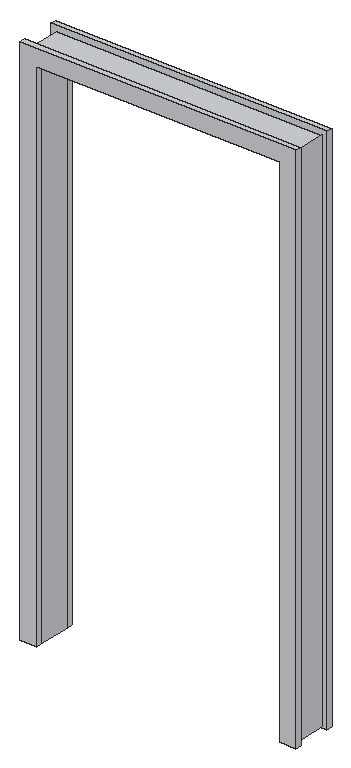
Revit family "门洞", category 门, Revit 2018
Family settings
  主体 = 墙
  OmniClass 编号 = 23.30.10.00
  OmniClass 标题 = Doors
  总是垂直 = 是
  加载时剪切的空心 = 否
  共享 = 否
  房间计算点 = 否
Parameters (values of type "1200 x 2400mm")
  厚度 = 0 mm
  Rough Width = 宽度  # 1200 mm
  Rough Height = 高度  # 2400 mm
  贴面宽度 = 框架宽度 + 25 mm  # 75 mm
  贴面厚度 = 25 mm
  贴面材质 = none
  功能 = 内部
  高度 = 2400 mm
  墙闭合 = 按主体
  宽度 = 1200 mm
  框架宽度 = 50 mm
  框架材质 = none
Reference planes
  plane 1 "中心(前/后)": y = 0
  plane 2 "中心(左/右)": x = 0
  plane 3 "左": x = -600
  plane 4 "右": x = 600
  plane 5: z = 2400
  plane 6 "外部": y = 75
  plane 7 "内部": y = -75
  plane 8: z = 1200
  plane 9: y = 100
  plane 10: y = -100
  plane 11: x = -625
  plane 12: x = -550
  plane 13: x = 550
  plane 14: x = 625
  plane 15: z = 2350
  plane 16: z = 2425
  plane 17: z = 1400
  plane 18: x = 200
Forms (mm)
  Extrusion 1, solid, material <- "框架材质"
    sketch origin (0, 0, 0) x (1, 0, 0) y (0, 0, 1)
      loop
        line (600, 2400) -> (-600, 2400) -> (-600, 0) -> (-550, 0) -> (-550, 2350) -> (550, 2350) -> (550, 0) -> (600, 0) -> (600, 2400)
    from -75 to 75
  Extrusion 2, solid, material <- "贴面材质", detail levels fine
    sketch origin (0, 0, 0) x (1, 0, 0) y (0, 0, 1)
      loop
        line (625, 2425) -> (-625, 2425) -> (-625, 0) -> (-550, 0) -> (-550, 2350) -> (550, 2350) -> (550, 0) -> (625, 0) -> (625, 2425)
    from 75 to 100
  Extrusion 3, solid, material <- "贴面材质", detail levels fine
    sketch origin (0, 0, 0) x (1, 0, 0) y (0, 0, 1)
      loop
        line (625, 2425) -> (-625, 2425) -> (-625, 0) -> (-550, 0) -> (-550, 2350) -> (550, 2350) -> (550, 0) -> (625, 0) -> (625, 2425)
    from -100 to -75
Lines and regions (mm)
  Opening 1
    outline origin (-3050, -75, 0) x (1, 0, 0) y (0, 0, 1)
      loop
        line (2450, 0) -> (3650, 0) -> (3650, 2400) -> (2450, 2400) -> (2450, 0)
  Masking region 1
    outline origin (0, 0, 0) x (0, 1, 0) y (0, 0, 1)
      loop
        line (75, 2400) -> (-75, 2400) -> (-75, 0) -> (75, 0) -> (75, 2400)
  symbolic lines, style "平/剖面打开方向 - 实线"
    curve 1: line (0, 75, 2400) -> (0, -75, 2400)
    curve 2: line (0, 75, 0) -> (0, 75, 2400)
    curve 3: line (0, -75, 0) -> (0, 75, 0)
    curve 4: line (0, -75, 2400) -> (0, -75, 0)
  symbolic lines, style "立面打开方向 - 实线"
    curve 5: line (-600, 0, 2400) -> (200, 0, 1400)
    curve 6: line (200, 0, 1400) -> (600, 0, 0)
Text (mm)
  text "Exterior" at (-2295.016, 1099.543, 0), in view "参照标高"
  text "Exterior" at (0, 1615.38, 3698.081), in view "左"
  text "Exterior" at (0, 1036.032, 3874.932), in view "右"
Dimensions and locks
  equal spacing: plane 3 "左", plane 2 "中心(左/右)", plane 4 "右"
  "宽度": plane 3 "左" to plane 4 "右"
  "高度": plane 5 to host wall
  locked: plane 6 "外部" to host wall at 0
  locked: plane 7 "内部" to host wall
  equal spacing: level, plane 8, plane 5
  "贴面宽度": plane 11 to plane 12
  "贴面厚度": plane 9 to plane 6 "外部"
  "框架宽度": plane 3 "左" to plane 12
  "贴面厚度": plane 7 "内部" to plane 10
  "贴面宽度": plane 13 to plane 14
  "框架宽度": plane 13 to plane 4 "右"
  "框架宽度": plane 15 to plane 5
  "贴面宽度": plane 15 to plane 16
  locked: plane 8 to plane 17 at 200
  locked: plane 2 "中心(左/右)" to plane 18 at 200
  aligned and locked: plane 3 "左" to Opening 1 sketch curve
  aligned and locked: plane 5 to Opening 1 sketch curve  (x2)
  aligned and locked: Opening 1 sketch curve to plane 4 "右"
  aligned and locked: Opening 1 sketch curve to level
  aligned and locked: plane 1 "中心(前/后)" to host wall
  aligned and locked: plane 5 to Extrusion 1 sketch curve
  aligned and locked: plane 4 "右" to Extrusion 1 sketch curve
  aligned and locked: Extrusion 1 sketch curve to plane 15
  aligned and locked: Extrusion 1 sketch curve to plane 3 "左"
  aligned and locked: plane 12 to Extrusion 1 sketch curve
  aligned and locked: level to Extrusion 1 sketch curve  (x2)
  aligned and locked: Extrusion 1 to plane 6 "外部"
  aligned and locked: plane 7 "内部" to Extrusion 1
  aligned and locked: Extrusion 2 sketch curve to plane 14
  aligned and locked: Extrusion 2 sketch curve to plane 13
  aligned and locked: Extrusion 2 sketch curve to plane 16
  aligned and locked: Extrusion 2 sketch curve to plane 15
  aligned and locked: plane 11 to Extrusion 2 sketch curve
  aligned and locked: plane 12 to Extrusion 2 sketch curve
  aligned and locked: level to Extrusion 2 sketch curve  (x2)
  aligned and locked: Extrusion 2 to plane 10
  aligned and locked: Extrusion 2 to plane 7 "内部"
  aligned and locked: Extrusion 3 sketch curve to plane 14
  aligned and locked: Extrusion 3 sketch curve to plane 13
  aligned and locked: Extrusion 3 sketch curve to plane 16
  aligned and locked: Extrusion 3 sketch curve to plane 15
  aligned and locked: plane 11 to Extrusion 3 sketch curve
  aligned and locked: plane 12 to Extrusion 3 sketch curve
  aligned and locked: level to Extrusion 3 sketch curve  (x2)
  aligned and locked: plane 6 "外部" to Extrusion 3
  aligned and locked: plane 9 to Extrusion 3
  aligned and locked: Masking region 1 sketch curve to host wall  (x3)
  aligned and locked: host wall to Masking region 1 sketch curve
  aligned and locked: curve 1 to host wall
  aligned and locked: curve 2 to host wall
  aligned and locked: curve 3 to host wall
  aligned and locked: host wall to curve 4
  aligned and locked: Extrusion 1 sketch curve to plane 13
  aligned and locked: plane 4 "右" to curve 6
  aligned and locked: level to curve 6
  aligned and locked: plane 17 to curve 6
  aligned and locked: plane 18 to curve 6
  aligned and locked: plane 5 to curve 5
  aligned and locked: plane 3 "左" to curve 5
